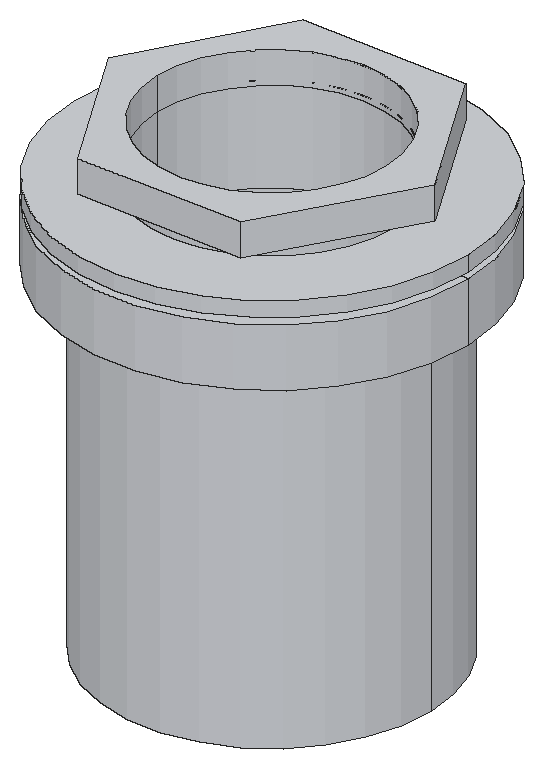
Revit family "CL25FC", category Generic Models, Revit 2017
Family settings
  Can host rebar = No
  Round Connector Dimension = Use Diameter
  Part Type = Normal
  Work Plane-Based = Yes
  Always vertical = No
  Cut with Voids When Loaded = No
  Shared = No
  Room Calculation Point = No
Parameters (values of type "NBS Standard Parameters")
  Weight = "0.0911Kg"
  WarrantyStartDate [instance] = "1900-12-31T23:59:59"
  WarrantyGuarantorParts = "n/a"
  WarrantyGuarantorLabor = "n/a"
  WarrantyDurationUnit = "1 year"
  WarrantyDurationParts = "n/a"
  WarrantyDurationLabor = "n/a"
  WarrantyDescription = "n/a"
  Version = "1"
  Uniclass2 = "Pr_65_70_11_20"
  TagNumber [instance] = "n/a"
  SustainabilityPerformance = "n/a"
  Size = "25mm"
  Shape = "Circular"
  SerialNumber [instance] = "n/a"
  Revision = "n/a"
  ReplacementCost = "n/a"
  ProductInformation = ""
  NominalWidth = 38 mm
  NominalLength = 38 mm
  NominalHeight = 43 mm
  Name = ""
  NBSTypeID = ""
  NBSReference = "90-55-10/460"
  NBSOfficeMasterTag = ""
  NBSNote = ""
  NBSDescription = "Conduit Fittings"
  NBSCertification = ""
  ModelReference = "CL25FC"
  ModelNumber = "n/a"
  Material = "Steel Body, Lead Washer and Brass Bush"
  ManufacturerURL = "www.metpro.co.uk"
  ManufacturerName = "Metpro Ltd"
  Keynote = ""
  InstallationDate [instance] = "1900-12-31T23:59:59"
  IfcExportType = ""
  IfcExportAs = ""
  Grade = "n/a"
  Finish = "Galvanised"
  Features = "n/a"
  ExpectedLife = "n/a"
  DurationUnit = "year"
  Description = "CL25FC-25mm Flange Coupler-Conlok"
  Default Elevation = 1219.2 mm
  Constituents = "n/a"
  Color = "n/a"
  CodePerformance = "n/a"
  Category = "n/a"
  BarCode [instance] = "n/a"
  BIMObjectName = "Metpro_lmetprolibereary_conduitfittings_mealcomponent_steelaccessories"
  Author = "Metpro Limited"
  AssetType = ""
  AssetIdentifier [instance] = "n/a"
  AccessibilityPerformance = "n/a"
Reference planes
  plane 1 "Center (Front/Back)": y = 0
  plane 2: z = 0
  plane 3 "Center (Left/Right)": x = 0
Forms (mm)
  Revolve 1, solid
    sketch origin (10.708, -7.188, 0) x (1, 0, 0) y (0, 0, -1)
      loop
        line (-11.06, -17.18) -> (-3.732, -17.18) -> (-3.732, -11.68) -> (-5.569, -11.68)
        arc (-5.569, -11.68) -> (-6.692, -11.215) -> (-7.156, -10.093) r 1.587
        line (-7.156, -10.093) -> (-7.156, 20.284) -> (-11.06, 20.284) -> (-11.06, -17.18)
      axis (-22.156, -17.18) -> (-22.156, 20.284)
    angle from 0 to 360
  Extrusion 2, solid
    sketch origin (-11.449, -7.188, 17.18) x (0, -1, 0) y (1, 0, 0)
      loop
        circle (0, 0) r 18.425
      loop
        circle (0, 0) r 11.096
    from 0.623 to 2.023
  Extrusion 3, solid
    sketch origin (-11.449, -7.188, 17.18) x (0, -1, 0) y (1, 0, 0)
      loop
        circle (0, 0) r 10.75
      loop
        circle (0, 0) r 11.615
    from -4.85 to 4.239
  Extrusion 4, solid
    sketch origin (-11.449, -7.188, 21.419) x (0, -1, 0) y (1, 0, 0)
      loop
        line (13.199, 7.621) -> (0, 15.241) -> (-13.199, 7.621) -> (-13.199, -7.621) -> (0, -15.241) -> (13.199, -7.621) -> (13.199, 7.621)
      loop
        circle (0, 0) r 10.75
    from -0.483 to 2.517
Dimensions and locks
  aligned and locked: level to plane 2
